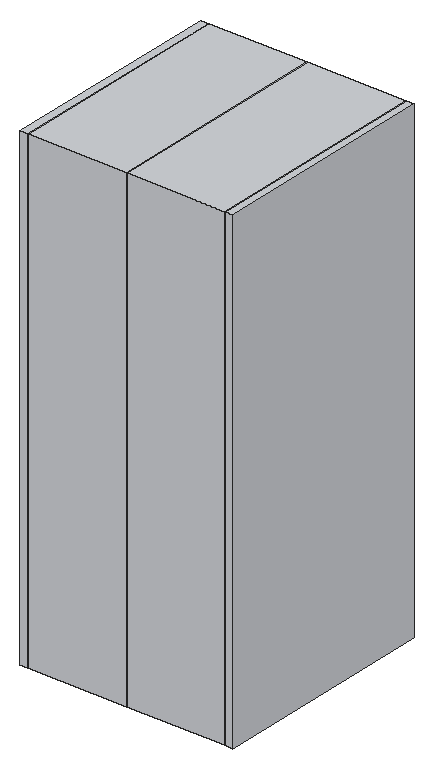
Revit family "WENGER 7-SHELF MUSIC LIBRARY SYSTEM - OVERSIZED", category Generic Models, Revit 2014
Parameters (values of type "2-UNIT")
  URL = "http://www.wengercorp.com/Home/Contact.html"
  UNIT SPACING = 1' - 7"
  Model = "7-SHELF"
  Manufacturer = "WENGER CORPORATION"
  Keynote = "WENGER MUSIC LIBRARY SYSTEM"
  HEIGHT = 7' - 8"
  ECP WIDTH = 0' - 1 1/2"
  ECP SPACING = # OF UNITS * 1' 7"  # 3' - 2"
  Description = "MUSIC LIBRARY SYSTEM"
  # OF UNITS = 2
Types (25): name | URL | Model | Manufacturer | Keynote | ECP SPACING | Description | # OF UNITS
  (no name) | "http://www.wengercorp.com/Home/Contact.html" | "7-SHELF" | "WENGER CORPORATION" | "WENGER MUSIC LIBRARY SYSTEM" | 3' - 2" | "MUSIC LIBRARY SYSTEM" | 2
  2-UNIT | "http://www.wengercorp.com/Home/Contact.html" | "7-SHELF" | "WENGER CORPORATION" | "WENGER MUSIC LIBRARY SYSTEM" | 3' - 2" | "MUSIC LIBRARY SYSTEM" | 2
  3-UNIT | 0' - 0" | 0' - 0" | 0' - 0" | 0' - 0" | 4' - 9" | 0' - 0" | 3
  4-UNIT | 0' - 0" | 0' - 0" | 0' - 0" | 0' - 0" | 6' - 4" | 0' - 0" | 4
  5-UNIT | 0' - 0" | 0' - 0" | 0' - 0" | 0' - 0" | 7' - 11" | 0' - 0" | 5
  6-UNIT | 0' - 0" | 0' - 0" | 0' - 0" | 0' - 0" | 9' - 6" | 0' - 0" | 6
  7-UNIT | 0' - 0" | 0' - 0" | 0' - 0" | 0' - 0" | 11' - 1" | 0' - 0" | 7
  8-UNIT | 0' - 0" | 0' - 0" | 0' - 0" | 0' - 0" | 12' - 8" | 0' - 0" | 8
  9-UNIT | 0' - 0" | 0' - 0" | 0' - 0" | 0' - 0" | 14' - 3" | 0' - 0" | 9
  10-UNIT | 0' - 0" | 0' - 0" | 0' - 0" | 0' - 0" | 15' - 10" | 0' - 0" | 10
  11-UNIT | 0' - 0" | 0' - 0" | 0' - 0" | 0' - 0" | 17' - 5" | 0' - 0" | 11
  12-UNIT | 0' - 0" | 0' - 0" | 0' - 0" | 0' - 0" | 19' - 0" | 0' - 0" | 12
  13-UNIT | 0' - 0" | 0' - 0" | 0' - 0" | 0' - 0" | 20' - 7" | 0' - 0" | 13
  14-UNIT | 0' - 0" | 0' - 0" | 0' - 0" | 0' - 0" | 22' - 2" | 0' - 0" | 14
  15-UNIT | 0' - 0" | 0' - 0" | 0' - 0" | 0' - 0" | 23' - 9" | 0' - 0" | 15
  16-UNIT | 0' - 0" | 0' - 0" | 0' - 0" | 0' - 0" | 25' - 4" | 0' - 0" | 16
  17-UNIT | 0' - 0" | 0' - 0" | 0' - 0" | 0' - 0" | 26' - 11" | 0' - 0" | 17
  18-UNIT | 0' - 0" | 0' - 0" | 0' - 0" | 0' - 0" | 28' - 6" | 0' - 0" | 18
  19-UNIT | 0' - 0" | 0' - 0" | 0' - 0" | 0' - 0" | 30' - 1" | 0' - 0" | 19
  20-UNIT | 0' - 0" | 0' - 0" | 0' - 0" | 0' - 0" | 31' - 8" | 0' - 0" | 20
  21-UNIT | 0' - 0" | 0' - 0" | 0' - 0" | 0' - 0" | 33' - 3" | 0' - 0" | 21
  22-UNIT | 0' - 0" | 0' - 0" | 0' - 0" | 0' - 0" | 34' - 10" | 0' - 0" | 22
  23-UNIT | 0' - 0" | 0' - 0" | 0' - 0" | 0' - 0" | 36' - 5" | 0' - 0" | 23
  24-UNIT | 0' - 0" | 0' - 0" | 0' - 0" | 0' - 0" | 38' - 0" | 0' - 0" | 24
  25-UNIT | 0' - 0" | 0' - 0" | 0' - 0" | 0' - 0" | 39' - 7" | 0' - 0" | 25
Reference planes (in)
  plane 1 "Center (Front/Back)": y = 0
  plane 2: z = 0
  plane 3 "Center (Left/Right)": x = 0
  plane 4 "BACK": y = 21.75
  plane 5 "FRONT": y = -21.75
  plane 6 "LEFT ECP INSIDE": x = -19
  plane 7 "LEFT ECP OUTSIDE": x = -20.5
  plane 8 "RIGHT ECP INSIDE": x = 19
  plane 9 "RIGHT ECP OUTSIDE": x = 20.5
  plane 10: z = 92
Forms (in)
  Extrusion 1, solid
    sketch origin (0, 0, 0) x (1, 0, 0) y (0, 1, 0)
      loop
        line (-20.5, 21.75) -> (-20.5, -21.75) -> (-19, -21.75) -> (-19, 21.75) -> (-20.5, 21.75)
      loop
        line (19, 21.75) -> (19, -21.75) -> (20.5, -21.75) -> (20.5, 21.75) -> (19, 21.75)
    from 0 to 92
Dimensions and locks (in)
  "ECP WIDTH": plane 7 "LEFT ECP OUTSIDE" to plane 6 "LEFT ECP INSIDE"
  "ECP WIDTH": plane 8 "RIGHT ECP INSIDE" to plane 9 "RIGHT ECP OUTSIDE"
  equal spacing: plane 6 "LEFT ECP INSIDE", plane 3 "Center (Left/Right)", plane 8 "RIGHT ECP INSIDE"
  "ECP SPACING": plane 6 "LEFT ECP INSIDE" to plane 8 "RIGHT ECP INSIDE"
  equal spacing: plane 4 "BACK", plane 1 "Center (Front/Back)", plane 5 "FRONT", locked at 21.75 each
  locked: plane 4 "BACK" to plane 5 "FRONT" at 43.5
  "HEIGHT": plane 10 to plane 2
  group 1 to group 2 = 1' - 7"
  group 1 to group 2 = 0' - 0"  (x2)
  "UNIT SPACING": nested 1 to nested 2
  aligned and locked: plane 2 to level
  aligned and locked: plane 1 "Center (Front/Back)" to nested 1
  aligned and locked: plane 4 "BACK" to nested 1
  aligned and locked: plane 5 "FRONT" to nested 1
  aligned and locked: Extrusion 1 sketch curve to plane 4 "BACK"  (x2)
  aligned and locked: plane 7 "LEFT ECP OUTSIDE" to Extrusion 1 sketch curve
  aligned and locked: plane 5 "FRONT" to Extrusion 1 sketch curve  (x2)
  aligned and locked: Extrusion 1 sketch curve to plane 6 "LEFT ECP INSIDE"
  aligned and locked: plane 8 "RIGHT ECP INSIDE" to Extrusion 1 sketch curve
  aligned and locked: Extrusion 1 sketch curve to plane 9 "RIGHT ECP OUTSIDE"
  aligned and locked: Extrusion 1 to plane 2
  aligned and locked: plane 2 to nested 1
  aligned and locked: Extrusion 1 to nested 1
  aligned and locked: plane 6 "LEFT ECP INSIDE" to nested 1
Nested families (in)
  nested 1: "7-SHELF, 1-UNIT" at (-9.5, 0, 0), type "7-SHELF, 1-UNIT"
  nested 2: "7-SHELF, 1-UNIT" at (9.5, 0, 0), type "7-SHELF, 1-UNIT"
Definition of nested family "7-SHELF, 1-UNIT"
  Parameters (values of type "OVERSIZED WIDTH")
    UNIT WIDTH = 1' - 7"
    HEIGHT = 7' - 8"
    Cabinet Label = Labels : 7-SHELF
  Types (3): name | UNIT WIDTH
    (no name) | 1' - 7"
    STANDARD WIDTH | 1' - 4"
    OVERSIZED WIDTH | 1' - 7"
  Reference planes (in)
    plane 1 "Center (Front/Back)": y = 0
    plane 2 "BOTTOM": z = 0
    plane 3 "Center (Left/Right)": x = 0
    plane 4 "RIGHT": x = 9.5
    plane 5 "LEFT": x = -9.5
    plane 6 "BACK": y = 21.75
    plane 7 "FRONT": y = -21.75
    plane 8 "OPEN POSITION": y = -58.24743
    plane 9 "TOP": z = 92
    plane 10: x = -3.5
    plane 11: x = 3.5
    plane 12 "FRONT DETAIL 1": z = 54
    plane 13 "FRONT DETAIL 2": z = 52.5
    plane 14 "FRONT DETAIL 3": z = 46
    plane 15: x = -1.5
    plane 16: x = 1.5
  Forms (in)
    Extrusion 1, solid
      sketch origin (0, 0, 0) x (1, 0, 0) y (0, 1, 0)
        loop
          line (-9.5, 21.75) -> (-9.5, -21.75) -> (9.5, -21.75) -> (9.5, 21.75) -> (-9.5, 21.75)
      from 0 to 92
  Lines and regions (in)
    model lines, style "GenericModelHiddenLines"
      curve 1: line (-9.5, -21.75, 0) -> (-9.5, -58.24743, 0)
      curve 2: line (-9.5, -58.24743, 0) -> (9.5, -58.24743, 0)
      curve 3: line (9.5, -58.24743, 0) -> (9.5, -21.75, 0)
    model lines, style "GenericModel"
      curve 4: line (-1.5, -21.75, 54) -> (1.5, -21.75, 54)
      curve 5: line (1.5, -21.75, 54) -> (1.5, -21.75, 52.5)
      curve 6: line (1.5, -21.75, 52.5) -> (-1.5, -21.75, 52.5)
      curve 7: line (-1.5, -21.75, 52.5) -> (-1.5, -21.75, 54)
      curve 8: line (-3.5, -21.75, 46) -> (3.5, -21.75, 46)
  Dimensions and locks (in)
    equal spacing: plane 5 "LEFT", plane 3 "Center (Left/Right)", plane 4 "RIGHT"
    "UNIT WIDTH": plane 5 "LEFT" to plane 4 "RIGHT"
    equal spacing: plane 6 "BACK", plane 1 "Center (Front/Back)", plane 7 "FRONT"
    plane 6 "BACK" to plane 7 "FRONT" to plane 8 "OPEN POSITION" = 3' - 7 1/2" locked, 3' - 0.49743" locked
    "HEIGHT": plane 2 "BOTTOM" to plane 9 "TOP"
    plane 12 "FRONT DETAIL 1" to plane 13 "FRONT DETAIL 2" to plane 14 "FRONT DETAIL 3" to plane 2 "BOTTOM" = 0' - 1 1/2" locked, 0' - 6 1/2" locked, 3' - 10" locked
    equal spacing: plane 16, plane 3 "Center (Left/Right)", plane 15, locked at 1.5 each
    plane 11 to plane 16 to plane 15 to plane 10 = 0' - 2" locked, 0' - 3" locked, 0' - 2" locked
    aligned and locked: plane 2 "BOTTOM" to level
    aligned and locked: Extrusion 1 sketch curve to plane 6 "BACK"
    aligned and locked: plane 5 "LEFT" to Extrusion 1 sketch curve
    aligned and locked: plane 7 "FRONT" to Extrusion 1 sketch curve
    aligned and locked: Extrusion 1 sketch curve to plane 4 "RIGHT"
    aligned and locked: Extrusion 1 to plane 2 "BOTTOM"
    aligned and locked: Extrusion 1 to plane 9 "TOP"
    aligned and locked: curve 1 to plane 5 "LEFT"
    aligned and locked: curve 2 to plane 8 "OPEN POSITION"
    aligned and locked: plane 4 "RIGHT" to curve 3
    aligned and locked: curve 8 to plane 14 "FRONT DETAIL 3"
    aligned and locked: plane 11 to curve 8
    aligned and locked: plane 10 to curve 8
    aligned and locked: plane 15 to curve 7
    aligned and locked: curve 5 to plane 16
    aligned and locked: curve 4 to plane 12 "FRONT DETAIL 1"
    aligned and locked: plane 13 "FRONT DETAIL 2" to curve 6
  Automatic sketch dimensions
    curve 3 to plane 7 "FRONT" = 0' - 0"
    curve 1 to plane 7 "FRONT" = 0' - 0"
  Nested families (in)
    nested 1: "Labels" at (0, 0, 0) x (0, 1, 0) z (0, 0, 1), type <- "Cabinet Label", type "7-SHELF"
  Definition of nested family "Labels"
    Parameters (values of type "6-SHELF")
      Cabinet Label = "6-SHELF"
    Types (2): name | Cabinet Label
      6-SHELF | "6-SHELF"
      7-SHELF | "7-SHELF"
    Reference planes (in)
      plane 1: y = 0
      plane 2: x = 0
    Text (in)
      label "xxxx" at (-0.00018, 0.00754, 0), shows "Cabinet Label"
